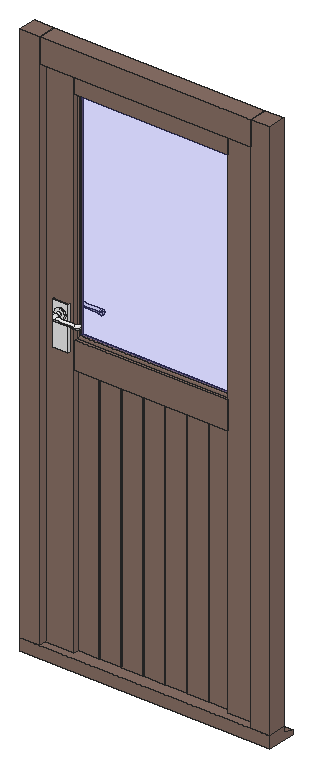
Revit family "DTI_A3-SD14", category Doors, host Wall, Revit 2016
Family settings
  Host = Wall
  OmniClass Number = 23.30.10.00
  OmniClass Title = Doors
  Always vertical = Yes
  Cut with Voids When Loaded = No
  Shared = No
  Room Calculation Point = No
Parameters (values of type "SD14")
  URL = "www.swartland.co.za"
  Rough Width = 923 mm
  Rough Height = 2165 mm
  Model = "SD14"
  Manufacturer = "Swartland Doors & Windows"
  Function = Exterior
  Frame Width = 74 mm
  Height = 2100 mm
  Wall Closure = By host
  Width = Door Width + (Frame Width * 2)  # 961 mm
  Frame Depth = 70 mm
  Door Width = 813 mm
  Door Material = Meranti
  Door Height = 2032 mm
  Door Frame Material = Meranti
  Description = "Entrance Door SD14"
  Cill Height = 44 mm
  Assembly Code = ""
Reference planes
  plane 1 "Centre (Front/Back)": y = 0
  plane 2 "Center (Left/Right)": x = 0
  plane 3 "Left": x = -480.5
  plane 4 "Right": x = 480.5
  plane 5: z = 2144
  plane 6 "Exterior": y = 75
  plane 7 "Interior": y = -75
  plane 8: y = -35
  plane 9 "Frame exterior": y = 35
  plane 10: z = 2076
  plane 11: x = 406.5
  plane 12: x = -406.5
  plane 13 "Cill Level": z = 44
  plane 14: z = 1094.604
  plane 15 "Centre of door": y = 17.751
  plane 16: x = 296.826
  plane 17: x = 212.112
  plane 18: x = 42.683
  plane 19: x = -126.745
  plane 20: x = -211.46
  plane 21: x = -296.174
  plane 22: x = -42.031
  plane 23: x = 127.398
  plane 24: z = 1124
Forms (mm)
  Extrusion 1, solid, material "Meranti" <- "Door Frame Material"
    sketch origin (0, 0, 44) x (1, 0, 0) y (0, 1, 0)
      loop
        line (-480.5, 35) -> (-480.5, -35) -> (-406.5, -35) -> (-406.5, 35) -> (-480.5, 35)
    from 0 to 2100 <- "Height"
  Extrusion 2, solid, material "Meranti" <- "Door Frame Material"
    sketch origin (0, 0, 44) x (-1, 0, 0) y (0, -1, 0)
      loop
        line (-480.5, -35) -> (-406.5, -35) -> (-406.5, 35) -> (-480.5, 35) -> (-480.5, -35)
    from 0 to 2100 <- "Height"
  Extrusion 3, solid, material "Meranti" <- "Door Frame Material"
    sketch origin (0, 0, 0) x (0, 1, 0) y (0, 0, 1)
      loop
        line (-35, 44) -> (-35, 0) -> (75, 0) -> (75, 15) -> (35, 25.321) -> (35, 44) -> (-35, 44)
    from -480.5 to 480.5
  Extrusion 4, solid, material "Meranti"
    sketch origin (0, 0, 0) x (0, 1, 0) y (0, 0, 1)
      loop
        line (35, 2144) -> (-35, 2144) -> (-35, 2051) -> (-5, 2051) -> (-5, 2076) -> (35, 2076) -> (35, 2144)
    from 406.5 to -406.5
  Extrusion 5, solid, material "Meranti" <- "Door Material"
    sketch origin (0, 35, 0) x (0, 0, -1) y (-1, 0, 0)
      loop
        line (-44, -406.5) -> (-44, -296.826) -> (-2076, -296.826) -> (-2076, -406.5) -> (-44, -406.5)
    from -40 to 0
  Extrusion 6, solid, material "Meranti" <- "Door Material"
    sketch origin (0, 35, 0) x (0, 0, -1) y (-1, 0, 0)
      loop
        line (-44, 406.5) -> (-2076, 406.5) -> (-2076, 296.174) -> (-44, 296.174) -> (-44, 406.5)
    from -40 to 0
  Extrusion 7, solid, material "Meranti"
    sketch origin (0, 35, 0) x (0, 0, -1) y (-1, 0, 0)
      loop
        line (-1971, -296.826) -> (-1971, 296.174) -> (-2076, 296.174) -> (-2076, -296.826) -> (-1971, -296.826)
    from 0 to -40
  Sweep 8, solid, material "Meranti"
    path origin (0, 17.751, 0) x (0, 0, 1) y (1, 0, 0)
      loop
        line (1019, 212.112) -> (44, 212.112)
    profile "Panelled door T&G profile 85X20 : Panelled door T&G profile 85X20" origin (212.112, 17.751, 531.5) x (-1, 0, 0) y (0, 1, 0)
      loop
        line (-85, -2.226) -> (-82.226, -5) -> (0, -5) -> (0, 0) -> (0, 5) -> (-82.226, 5) -> (-85, 2.226) -> (-85, -2.226)
  Sweep 9, solid, material "Meranti"
    path origin (-85, 17.751, 0) x (0, 0, 1) y (1, 0, 0)
      loop
        line (1019, 212.112) -> (44, 212.112)
    profile "Panelled door T&G profile 85X20 : Panelled door T&G profile 85X20" origin (127.112, 17.751, 531.5) x (-1, 0, 0) y (0, 1, 0)
      loop
        line (-85, -2.226) -> (-82.226, -5) -> (0, -5) -> (0, 0) -> (0, 5) -> (-82.226, 5) -> (-85, 2.226) -> (-85, -2.226)
  Sweep 10, solid, material "Meranti"
    path origin (-170, 17.751, 0) x (0, 0, 1) y (1, 0, 0)
      loop
        line (1019, 212.112) -> (44, 212.112)
    profile "Panelled door T&G profile 85X20 : Panelled door T&G profile 85X20" origin (42.112, 17.751, 531.5) x (-1, 0, 0) y (0, 1, 0)
      loop
        line (-85, -2.226) -> (-82.226, -5) -> (0, -5) -> (0, 0) -> (0, 5) -> (-82.226, 5) -> (-85, 2.226) -> (-85, -2.226)
  Sweep 11, solid, material "Meranti"
    path origin (-255, 17.751, 0) x (0, 0, 1) y (1, 0, 0)
      loop
        line (1019, 212.112) -> (44, 212.112)
    profile "Panelled door T&G profile 85X20 : Panelled door T&G profile 85X20" origin (-42.888, 17.751, 531.5) x (-1, 0, 0) y (0, 1, 0)
      loop
        line (-85, -2.226) -> (-82.226, -5) -> (0, -5) -> (0, 0) -> (0, 5) -> (-82.226, 5) -> (-85, 2.226) -> (-85, -2.226)
  Sweep 12, solid, material "Meranti"
    path origin (-340, 17.751, 0) x (0, 0, 1) y (1, 0, 0)
      loop
        line (1019, 212.112) -> (44, 212.112)
    profile "Panelled door T&G profile 85X20 : Panelled door T&G profile 85X20" origin (-127.888, 17.751, 531.5) x (-1, 0, 0) y (0, 1, 0)
      loop
        line (-85, -2.226) -> (-82.226, -5) -> (0, -5) -> (0, 0) -> (0, 5) -> (-82.226, 5) -> (-85, 2.226) -> (-85, -2.226)
  Sweep 13, solid, material "Meranti"
    path origin (-425, 17.751, 0) x (0, 0, 1) y (1, 0, 0)
      loop
        line (1019, 212.112) -> (44, 212.112)
    profile "Panelled door T&G profile 85X20 : Panelled door T&G profile 85X20" origin (-212.888, 17.751, 531.5) x (-1, 0, 0) y (0, 1, 0)
      loop
        line (-85, -2.226) -> (-82.226, -5) -> (0, -5) -> (0, 0) -> (0, 5) -> (-82.226, 5) -> (-85, 2.226) -> (-85, -2.226)
  Sweep 14, solid, material "Meranti"
    path origin (-510, 17.751, 0) x (0, 0, 1) y (1, 0, 0)
      loop
        line (1019, 212.112) -> (44, 212.112)
    profile "Panelled door T&G profile 85X20 : Panelled door T&G profile 85X20" origin (-297.888, 17.751, 531.5) x (-1, 0, 0) y (0, 1, 0)
      loop
        line (-85, -2.226) -> (-82.226, -5) -> (0, -5) -> (0, 0) -> (0, 5) -> (-82.226, 5) -> (-85, 2.226) -> (-85, -2.226)
  Extrusion 15, solid, material "Meranti"
    sketch origin (0, 35, 0) x (0, 0, -1) y (-1, 0, 0)
      loop
        line (-1019, -296.826) -> (-1019, 297.888) -> (-1124, 297.888) -> (-1124, -296.826) -> (-1019, -296.826)
    from 0 to -40
  Sweep 16, solid, material "Meranti"
    path origin (0, 17.751, 0) x (0, 0, 1) y (1, 0, 0)
      loop
        line (1971, 296.826) -> (1124, 296.826) -> (1124, -297.888) -> (1971, -297.888) -> (1971, 296.826)
    profile "Beading Profile : Beading Profile" origin (-0.531, 17.751, 1971) x (0, 0, 1) y (0, 1, 0)
      loop
        line (0, 0) -> (0, 10.624)
        arc (0, 10.624) -> (-5.764, 9.652) -> (-10, 5.624) r 10
        line (-10, 5.624) -> (-10, -5.624)
        arc (-10, -5.624) -> (-5.764, -9.652) -> (0, -10.624) r 10
        line (0, -10.624) -> (0, 0)
  Extrusion 17, solid, material "Glass"
    sketch origin (0, 17.751, 0) x (0, 0, 1) y (1, 0, 0)
      loop
        line (1960.975, 286.801) -> (1131, 286.801) -> (1131, -287.862) -> (1960.975, -287.862) -> (1960.975, 286.801)
    from 2 to -2
Lines and regions (mm)
  Opening 1
    outline origin (-3050, -75, 0) x (1, 0, 0) y (0, 0, 1)
      loop
        line (2569.5, 0) -> (3530.5, 0) -> (3530.5, 2144) -> (2569.5, 2144) -> (2569.5, 0)
  symbolic lines
    curve 1: line (406.5, -35, 0) -> (406.5, -848, 0)
    curve 2: arc (406.5, -848, 0) -> (-168.378, -609.878, 0) -> (-406.5, -35, 0) r 813
  symbolic lines, style "Elevation Swing"
    curve 3: line (376.5, 75, 44) -> (-406.5, 75, 1038)
    curve 4: line (-406.5, 75, 1038) -> (376.5, 75, 2076)
Text (mm)
  text "Exterior" at (-2295.016, 1099.543, 0), in view "Ref. Level"
  text "Exterior" at (0, 1615.38, 3698.081), in view "Left"
  text "Exterior" at (0, 1036.032, 3874.932), in view "Right"
Dimensions and locks
  equal spacing: plane 3 "Left", plane 2 "Center (Left/Right)", plane 4 "Right"
  "Width": plane 3 "Left" to plane 4 "Right"
  host wall to plane 10 = 2076 mm
  locked: plane 6 "Exterior" to host wall at 0
  locked: plane 7 "Interior" to host wall
  equal spacing: plane 9 "Frame exterior", plane 1 "Centre (Front/Back)", plane 8
  "Frame Depth": plane 9 "Frame exterior" to plane 8
  plane 10 to plane 5 = 68 mm
  "Door Width": plane 12 to plane 11
  plane 9 "Frame exterior" to plane 8 = 70 mm  (x2)
  "Door Height": plane 13 "Cill Level" to plane 10
  "Cill Height": level to plane 13 "Cill Level"
  "Frame Width": plane 11 to plane 4 "Right"
  plane 3 "Left" to plane 12 = 74 mm  (x2)
  level to Extrusion 3 = 44 mm
  level to plane 5 = 2144 mm
  plane 13 "Cill Level" to plane 24 = 1080 mm
  aligned and locked: plane 3 "Left" to Opening 1 sketch curve
  aligned and locked: plane 5 to Opening 1 sketch curve  (x2)
  aligned and locked: Opening 1 sketch curve to plane 4 "Right"
  aligned and locked: Opening 1 sketch curve to level
  aligned and locked: plane 1 "Centre (Front/Back)" to host wall
  aligned: Extrusion 2 to level
  aligned: Extrusion 1 to level
  aligned: plane 12 to Extrusion 3
  aligned: Extrusion 3 to plane 11
  aligned and locked: Extrusion 3 to host wall  (x2)
  aligned and locked: Extrusion 2 to plane 13 "Cill Level"
  aligned and locked: Extrusion 1 to plane 13 "Cill Level"
  aligned and locked: Extrusion 2 to host wall
  aligned and locked: Extrusion 1 to host wall
  aligned and locked: Extrusion 4 to plane 11
  aligned and locked: plane 12 to Extrusion 4
Automatic sketch dimensions
  Extrusion 1 sketch curve to plane 3 "Left" = 0 mm
  Extrusion 1 sketch curve to plane 9 "Frame exterior" = 0 mm
  Extrusion 1 sketch curve to plane 12 = 0 mm
  Extrusion 1 sketch curve to plane 8 = 0 mm
  Extrusion 2 sketch curve to plane 4 "Right" = 0 mm
  Extrusion 2 sketch curve to plane 9 "Frame exterior" = 0 mm
  Extrusion 2 sketch curve to plane 11 = 0 mm
  Extrusion 2 sketch curve to plane 8 = 0 mm
  Extrusion 3 sketch curve to level = 0 mm
  Extrusion 3 sketch curve to plane 8 = 0 mm
  Extrusion 3 sketch curve to plane 9 "Frame exterior" = 0 mm
  Extrusion 3 sketch curve to host wall = 0 mm
  Extrusion 3 sketch curve to plane 13 "Cill Level" = 0 mm
  level to Extrusion 3 sketch curve = 15 mm
  Extrusion 3 sketch curve to Extrusion 3 sketch curve = 18.679 mm
  plane 5 to Extrusion 4 sketch curve = 0 mm
  Extrusion 4 sketch curve to plane 8 = 0 mm
  plane 10 to Extrusion 4 sketch curve = 0 mm
  Extrusion 4 sketch curve to plane 9 "Frame exterior" = 0 mm
  host wall to Extrusion 4 sketch curve = 5 mm
  Extrusion 4 sketch curve to Extrusion 4 sketch curve = 25 mm
  Extrusion 5 sketch curve to plane 10 = 0 mm
  plane 11 to Extrusion 5 sketch curve = 0 mm
  Extrusion 5 sketch curve to plane 13 "Cill Level" = 0 mm
  Extrusion 5 sketch curve to plane 16 = 0 mm
  Extrusion 6 sketch curve to plane 10 = 0 mm
  plane 12 to Extrusion 6 sketch curve = 0 mm
  Extrusion 6 sketch curve to plane 13 "Cill Level" = 0 mm
  Extrusion 6 sketch curve to plane 21 = 0 mm
  plane 12 to curve 3 = 0 mm
  curve 4 to plane 10 = 0 mm
  curve 3 to plane 13 "Cill Level" = 0 mm
  plane 11 to curve 4 = 30 mm
  plane 11 to curve 3 = 30 mm
  curve 4 to plane 14 = 56.604 mm
  curve 2 to plane 8 = 0 mm
  curve 2 to plane 12 = 0 mm
  curve 2 to plane 11 = 0 mm
  curve 1 to plane 8 = 0 mm
  Extrusion 7 sketch curve to plane 10 = 0 mm
  Extrusion 7 sketch curve to plane 16 = 0 mm
  Extrusion 7 sketch curve to plane 21 = 0 mm
  plane 10 to Extrusion 7 sketch curve = 105 mm
  Sweep 8 sketch curve to plane 13 "Cill Level" = 0 mm
  Sweep 8 sketch curve to plane 17 = 0 mm
  plane 10 to Sweep 8 sketch curve = 1057 mm
  Sweep 9 sketch curve to plane 13 "Cill Level" = 0 mm
  Sweep 9 sketch curve to plane 23 = 0.286 mm
  plane 10 to Sweep 9 sketch curve = 1057 mm
  Sweep 10 sketch curve to plane 13 "Cill Level" = 0 mm
  plane 18 to Sweep 10 sketch curve = 0.571 mm
  plane 10 to Sweep 10 sketch curve = 1057 mm
  Sweep 11 sketch curve to plane 13 "Cill Level" = 0 mm
  Sweep 11 sketch curve to plane 22 = 0.857 mm
  plane 10 to Sweep 11 sketch curve = 1057 mm
  Sweep 12 sketch curve to plane 13 "Cill Level" = 0 mm
  Sweep 12 sketch curve to plane 19 = 1.143 mm
  plane 10 to Sweep 12 sketch curve = 1057 mm
  Sweep 13 sketch curve to plane 13 "Cill Level" = 0 mm
  Sweep 13 sketch curve to plane 20 = 1.429 mm
  plane 10 to Sweep 13 sketch curve = 1057 mm
  Sweep 14 sketch curve to plane 13 "Cill Level" = 0 mm
  Sweep 14 sketch curve to plane 21 = 1.714 mm
  plane 10 to Sweep 14 sketch curve = 1057 mm
  Extrusion 15 sketch curve to plane 16 = 0 mm
  plane 14 to Extrusion 15 sketch curve = 29.396 mm
  Extrusion 15 sketch curve to plane 14 = 75.604 mm
  Extrusion 15 sketch curve to plane 21 = 1.714 mm
  Extrusion 17 sketch curve to plane 16 = 10.026 mm
  plane 14 to Extrusion 17 sketch curve = 36.396 mm
  plane 10 to Extrusion 17 sketch curve = 115.025 mm
  plane 21 to Extrusion 17 sketch curve = 8.311 mm
  Sweep 16 sketch curve to plane 16 = 0 mm
  Sweep 16 sketch curve to plane 24 = 0 mm
  plane 10 to Sweep 16 sketch curve = 105 mm
  Sweep 16 sketch curve to plane 21 = 1.714 mm
Nested families
  nested 1: "Handle Domestic (1)" at (-409.586, -5, 1200), type "Handle Domestic (1)"
  nested 2: "Handle Domestic (1)" at (-409.586, 35, 1200), type "Handle Domestic (1)"
Definition of nested family "Handle Domestic (1)"
  Parameters
    Manufacturer = "Revit"
    Material Ironmongery = none
    Handle Z Distance = 0 mm
    Handle X Distance = 65 mm
    Function = (empty or 0)
  Reference planes
    plane 1 "Center (Front/Back)": y = 0
    plane 2: z = 0
    plane 3 "Center (Left/Right)": x = 0
    plane 4: z = 0
    plane 5: x = 65
  Forms (mm)
    Extrusion 1, solid, material <- "Material Ironmongery", detail levels medium+fine
      sketch origin (0, 0, 0) x (1, 0, 0) y (0, 0, 1)
        loop
          line (35, 40) -> (35, -125) -> (95, -125) -> (95, 40) -> (35, 40)
      from 0 to -6
    Sweep 2, solid, material <- "Material Ironmongery", detail levels medium+fine
      path origin (0, 0, 0) x (0, -1, 0) y (1, 0, 0)
        loop
          line (-10.593, 65) -> (-26, 65)
          arc (-26, 65) -> (-36.607, 69.393) -> (-41, 80) r 15
          line (-41, 80) -> (-41, 152)
          arc (-41, 152) -> (-38.657, 157.657) -> (-33, 160) r 8
      profile origin (0, 18.296, 0) x (-1, 0, 0) y (0, 0, 1)
        loop
          circle (-65, 0) r 7
    Extrusion 3, solid, material <- "Material Ironmongery", detail levels medium+fine
      sketch origin (0, 0, 0) x (1, 0, 0) y (0, 0, 1)
        loop
          circle (65, 0) r 20
      from -6 to -10.593
  Dimensions and locks
    "Handle Z Distance": plane 4 to level
    "Handle X Distance": plane 5 to plane 3 "Center (Left/Right)"
    aligned and locked: Extrusion 1 to Extrusion 3
    aligned and locked: Extrusion 3 to Sweep 2 sketch curve
  Automatic sketch dimensions
    Sweep 2 sketch curve to plane 4 = 0 mm
    Sweep 2 sketch curve to profile plane = 0 mm
    Extrusion 3 sketch curve to plane 4 = 0 mm
    Extrusion 3 sketch curve to plane 5 = 0 mm
    Sweep 2 sketch curve to plane 5 = 0 mm
    Sweep 2 sketch curve to plane 1 "Center (Front/Back)" = 41 mm
    Sweep 2 sketch curve to Sweep 2 sketch curve = 8 mm
    Sweep 2 sketch curve to Sweep 2 sketch curve = 15 mm
    Sweep 2 sketch curve to Sweep 2 sketch curve = 72 mm
    plane 5 to Extrusion 1 sketch curve = 30 mm
    Extrusion 1 sketch curve to plane 5 = 30 mm
    plane 4 to Extrusion 1 sketch curve = 125 mm
    Extrusion 1 sketch curve to plane 4 = 40 mm
    radius of Sweep 2 sketch curve = 7 mm
    radius of Extrusion 3 sketch curve = 20 mm
